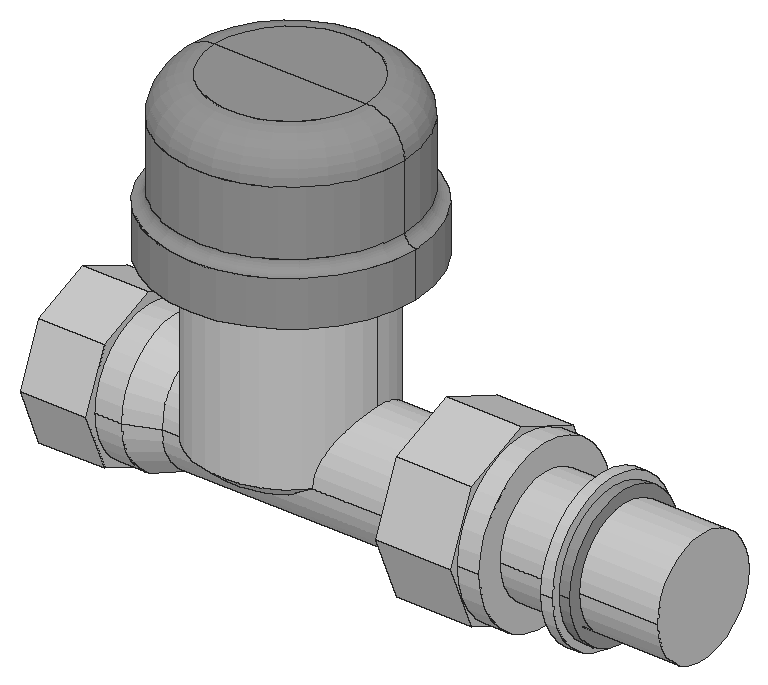
Revit family "PA_Арматура трубопроводов [клапан термостатический прямой, VT.038.N]1 - VALTEC", category Арматура трубопроводов, Revit 2018
Family settings
  Размер круглого соединителя = Использовать диаметр
  Тип детали = Вставляется
  На основе рабочей плоскости = Нет
  Всегда вертикально = Да
  При загрузке вырезать с полостями = Нет
  Общий = Нет
Parameters (values of type "VT.038.N")
  Таблица 2 = "PA_Арматура трубопроводов [клапан термостатический прямой, VT.038.N] - VALTEC - Таблица 2"  # constant formula
  Таблица 1 = "PA_Арматура трубопроводов [клапан термостатический прямой, VT.038.N] - VALTEC - Таблица 1"  # constant formula
  Материал доп.1 = Черный - VALTEC
  Изготовитель = "VALTEC"  # constant formula
  Головка термостатическая [instance] = Колпачок : Колпачок
  d9 [instance] = size_lookup(Таблица 1, "d9", 0 mm, d)  # 20 mm
  d8 [instance] = size_lookup(Таблица 1, "d8", 0 mm, d)  # 24.3 mm
  d7 [instance] = size_lookup(Таблица 1, "d7", 0 mm, d)  # 23 mm
  d10 [instance] = size_lookup(Таблица 1, "d10", 0 mm, d)  # 18 mm
  a9 [instance] = size_lookup(Таблица 1, "a9", 0 mm, d)  # 3 mm
  a8 [instance] = size_lookup(Таблица 1, "a8", 0 mm, d)  # 10 mm
  a7 [instance] = size_lookup(Таблица 1, "a7", 0 mm, d)  # 0.9 mm
  a6 [instance] = size_lookup(Таблица 1, "a6", 0 mm, d)  # 1.4 mm
  a5 [instance] = size_lookup(Таблица 1, "a5", 0 mm, d)  # 18.3 mm
  a10 [instance] = size_lookup(Таблица 1, "a10", 0 mm, d)  # 7.5 mm
  MM_Геометрия [instance] = if(Головка термостатическая = [1!!!НЕ ИЗМЕНЯТЬ!!!], MM_1!!!НЕ ИЗМЕНЯТЬ!!!, if(Головка термостатическая = [2!!!НЕ ИЗМЕНЯТЬ!!!], MM_2!!!НЕ ИЗМЕНЯТЬ!!!, if(Головка термостатическая = [3!!!НЕ ИЗМЕНЯТЬ!!!], MM_3!!!НЕ ИЗМЕНЯТЬ!!!, if(Головка термостатическая = [4!!!НЕ ИЗМЕНЯТЬ!!!], MM_4!!!НЕ ИЗМЕНЯТЬ!!!, if(Головка термостатическая = [5!!!НЕ ИЗМЕНЯТЬ!!!], MM_4!!!НЕ ИЗМЕНЯТЬ!!!, if(Головка термостатическая = [6!!!НЕ ИЗМЕНЯТЬ!!!], MM_5!!!НЕ ИЗМЕНЯТЬ!!!, if(Головка термостатическая = [7!!!НЕ ИЗМЕНЯТЬ!!!], MM_6!!!НЕ ИЗМЕНЯТЬ!!!, if(Головка термостатическая = [8!!!НЕ ИЗМЕНЯТЬ!!!], MM_6!!!НЕ ИЗМЕНЯТЬ!!!, if(Головка термостатическая = [9!!!НЕ ИЗМЕНЯТЬ!!!], MM_6!!!НЕ ИЗМЕНЯТЬ!!!, if(Головка термостатическая = [10!!!НЕ ИЗМЕНЯТЬ!!!], MM_6!!!НЕ ИЗМЕНЯТЬ!!!, if(Головка термостатическая = [11!!!НЕ ИЗМЕНЯТЬ!!!], MM_7!!!НЕ ИЗМЕНЯТЬ!!!, if(Головка термостатическая = [12!!!НЕ ИЗМЕНЯТЬ!!!], MM_7!!!НЕ ИЗМЕНЯТЬ!!!, if(Головка термостатическая = [13!!!НЕ ИЗМЕНЯТЬ!!!], MM_7!!!НЕ ИЗМЕНЯТЬ!!!, MM_8!!!НЕ ИЗМЕНЯТЬ!!!)))))))))))))  # MM_Обобщенные модели [колпачок, VT.037.N] - VALTEC : VT.TE3042.0
  MM_8!!!НЕ ИЗМЕНЯТЬ!!! = MM_Обобщенные модели [колпачок, VT.037.N] - VALTEC : VT.TE3042.0
  MM_7!!!НЕ ИЗМЕНЯТЬ!!! = MM_Обобщенные модели [сервопривод электрический, VT.TE3042] - VALTEC : VT.TE3042.0
  MM_6!!!НЕ ИЗМЕНЯТЬ!!! = MM_Обобщенные модели [сервопривод электрический, VT.TE3040] - VALTEC : VT.TE3040
  MM_5!!!НЕ ИЗМЕНЯТЬ!!! = MM_Обобщенные модели [cервопривод EQUICALOR, VT.AS1000] - VALTEC : VT.AS1000
  MM_4!!!НЕ ИЗМЕНЯТЬ!!! = MM_Обобщенные модели [головка термостатическая жидкостная, VT.5000.0] - VALTEC : VT.5000.0 - VT.5010.0
  MM_3!!!НЕ ИЗМЕНЯТЬ!!! = MM_Обобщенные модели [головка термостатическая жидкостная, VT.3000.0] - VALTEC : VT.3000.0
  MM_2!!!НЕ ИЗМЕНЯТЬ!!! = MM_Обобщенные модели [головка термостатическая жидкостная, VT.1500.0] - VALTEC : VT.1500.0
  MM_1!!!НЕ ИЗМЕНЯТЬ!!! = MM_Обобщенные модели [головка термостатическая твердотельная, VT.1000.0] - VALTEC : VT.1000.0
  ME_Информация [instance] = if(Головка термостатическая = [1!!!НЕ ИЗМЕНЯТЬ!!!], ME_1!!!НЕ ИЗМЕНЯТЬ!!!, if(Головка термостатическая = [2!!!НЕ ИЗМЕНЯТЬ!!!], ME_2!!!НЕ ИЗМЕНЯТЬ!!!, if(Головка термостатическая = [3!!!НЕ ИЗМЕНЯТЬ!!!], ME_3!!!НЕ ИЗМЕНЯТЬ!!!, if(Головка термостатическая = [4!!!НЕ ИЗМЕНЯТЬ!!!], ME_4!!!НЕ ИЗМЕНЯТЬ!!!, if(Головка термостатическая = [5!!!НЕ ИЗМЕНЯТЬ!!!], ME_5!!!НЕ ИЗМЕНЯТЬ!!!, if(Головка термостатическая = [6!!!НЕ ИЗМЕНЯТЬ!!!], ME_6!!!НЕ ИЗМЕНЯТЬ!!!, if(Головка термостатическая = [7!!!НЕ ИЗМЕНЯТЬ!!!], ME_7!!!НЕ ИЗМЕНЯТЬ!!!, if(Головка термостатическая = [8!!!НЕ ИЗМЕНЯТЬ!!!], ME_8!!!НЕ ИЗМЕНЯТЬ!!!, if(Головка термостатическая = [9!!!НЕ ИЗМЕНЯТЬ!!!], ME_9!!!НЕ ИЗМЕНЯТЬ!!!, if(Головка термостатическая = [10!!!НЕ ИЗМЕНЯТЬ!!!], ME_10!!!НЕ ИЗМЕНЯТЬ!!!, if(Головка термостатическая = [11!!!НЕ ИЗМЕНЯТЬ!!!], ME_11!!!НЕ ИЗМЕНЯТЬ!!!, if(Головка термостатическая = [12!!!НЕ ИЗМЕНЯТЬ!!!], ME_12!!!НЕ ИЗМЕНЯТЬ!!!, if(Головка термостатическая = [13!!!НЕ ИЗМЕНЯТЬ!!!], ME_13!!!НЕ ИЗМЕНЯТЬ!!!, ME_14!!!НЕ ИЗМЕНЯТЬ!!!)))))))))))))  # ME_Оборудование [колпачек] - VALTEC : ME_Оборудование [колпачек] - VALTEC
  ME_9!!!НЕ ИЗМЕНЯТЬ!!! = ME_Оборудование [сервопривод электрический, VT.TE3041.0.024] - VALTEC : ME_Оборудование [сервопривод электрический, VT.TE3041.0.024] - VALTEC
  ME_8!!!НЕ ИЗМЕНЯТЬ!!! = ME_Оборудование [сервопривод электрический, VT.TE3040.A.220] - VALTEC : ME_Оборудование [сервопривод электрический, VT.TE3040.A.220] - VALTEC
  ME_7!!!НЕ ИЗМЕНЯТЬ!!! = ME_Оборудование [сервопривод электрический, VT.TE3040.0.220] - VALTEC : ME_Оборудование [сервопривод электрический, VT.TE3040.0.220] - VALTEC
  ME_6!!!НЕ ИЗМЕНЯТЬ!!! = ME_Оборудование [cервопривод EQUICALOR, VT.AS1000] - VALTEC : ME_Оборудование [cервопривод EQUICALOR, VT.AS1000] - VALTEC
  ME_5!!!НЕ ИЗМЕНЯТЬ!!! = ME_Оборудование [головка термостатическая жидкостная, VT.5010.0] - VALTEC : ME_Оборудование [головка термостатическая жидкостная, VT.5010.0] - VALTEC
  ME_4!!!НЕ ИЗМЕНЯТЬ!!! = ME_Оборудование [головка термостатическая жидкостная, VT.5000.0] - VALTEC : ME_Оборудование [головка термостатическая жидкостная, VT.5000.0] - VALTEC
  ME_3!!!НЕ ИЗМЕНЯТЬ!!! = ME_Оборудование [головка термостатическая жидкостная, VT.3000.0] - VALTEC : ME_Оборудование [головка термостатическая жидкостная, VT.3000.0] - VALTEC
  ME_2!!!НЕ ИЗМЕНЯТЬ!!! = ME_Оборудование [головка термостатическая жидкостная, VT.1500.0] - VALTEC : ME_Оборудование [головка термостатическая жидкостная, VT.1500.0] - VALTEC
  ME_14!!!НЕ ИЗМЕНЯТЬ!!! = ME_Оборудование [колпачек] - VALTEC : ME_Оборудование [колпачек] - VALTEC
  ME_13!!!НЕ ИЗМЕНЯТЬ!!! = ME_Оборудование [сервопривод электрический, VT.TE3042.A.220] - VALTEC : ME_Оборудование [сервопривод электрический, VT.TE3042.A.220] - VALTEC
  ME_12!!!НЕ ИЗМЕНЯТЬ!!! = ME_Оборудование [сервопривод электрический, VT.TE3042.0.220] - VALTEC : ME_Оборудование [сервопривод электрический, VT.TE3042.0.220] - VALTEC
  ME_11!!!НЕ ИЗМЕНЯТЬ!!! = ME_Оборудование [сервопривод электрический, VT.TE3042.0.024] - VALTEC : ME_Оборудование [сервопривод электрический, VT.TE3042.0.024] - VALTEC
  ME_10!!!НЕ ИЗМЕНЯТЬ!!! = ME_Оборудование [сервопривод электрический, VT.TE3041.A.024] - VALTEC : ME_Оборудование [сервопривод электрический, VT.TE3041.A.024] - VALTEC
  ME_1!!!НЕ ИЗМЕНЯТЬ!!! = ME_Оборудование [головка термостатическая твердотельная, VT.1000.0] - VALTEC : ME_Оборудование [головка термостатическая твердотельная, VT.1000.0] - VALTEC
  C [instance] = size_lookup(Таблица 1, "C", 0 mm, d)  # 43.6 mm
  B [instance] = size_lookup(Таблица 1, "B", 0 mm, d)  # 55 mm
  b2 [instance] = size_lookup(Таблица 1, "b2", 0 mm, d)  # 2.1 mm
  d6 [instance] = size_lookup(Таблица 1, "d6", 0 mm, d)  # 21.7 mm
  d5 [instance] = size_lookup(Таблица 1, "d5", 0 mm, d)  # 23.5 mm
  d4 [instance] = size_lookup(Таблица 1, "d4", 0 mm, d)  # 17.2 mm
  d3 [instance] = size_lookup(Таблица 1, "d3", 0 mm, d)  # 14.9 mm
  d2 [instance] = size_lookup(Таблица 1, "d2", 0 mm, d)  # 18 mm
  d1 [instance] = size_lookup(Таблица 1, "d1", 0 mm, d)  # 20.7 mm
  d [instance] = 15 mm
  b1 [instance] = size_lookup(Таблица 1, "b1", 0 mm, d)  # 19.7 mm
  a4 [instance] = size_lookup(Таблица 1, "a4", 0 mm, d)  # 11.1 mm
  a3 [instance] = size_lookup(Таблица 1, "a3", 0 mm, d)  # 4.1 mm
  a2 [instance] = size_lookup(Таблица 1, "a2", 0 mm, d)  # 3.6 mm
  a1 [instance] = size_lookup(Таблица 1, "a1", 0 mm, d)  # 8.7 mm
  URL = "https://valtec.ru/"
  ADSK_Расход жидкости [instance] = 0.0 L/s
  ADSK_Примечание [instance] = ""
  ADSK_Потеря давления жидкости [instance] = 0.0 Pa
  ADSK_Позиция [instance] = ""
  ADSK_Обозначение [instance] = "VT.038.N"  # constant formula
  ADSK_Наименование [instance] = size_lookup(Таблица 1, "", "Данный типоразмер отсутствует", d)  # "Клапан термостатический прямой 1/2\""
  ADSK_Материал = Сталь, нержавеющая - VALTEC
  ADSK_Масса [instance] = if(d = 15 mm, 0.262, if(d = 20 mm, 0.338, 0))  # 0.262
  ADSK_Марка [instance] = size_lookup(Таблица 2, "", "Данный типоразмер отсутствует", d)  # "VT.038.N.04"
  ADSK_Код изделия [instance] = size_lookup(Таблица 2, "", "Данный типоразмер отсутствует", d)  # "VT.038.N.04"
  ADSK_Завод-изготовитель [instance] = Изготовитель  # "VALTEC"
  ADSK_Единица измерения [instance] = "шт."  # constant formula
  ADSK_URL страницы изделия = "https://valtec.ru/catalog/radiatornaya_armatura/termostaticheskie_klapany_dlya_radiatorov/klapan_termostaticheskij_pryamoj_s_prednastrojkoj_vt038n.html"
  ADSK_URL документации изделия = "https://valtec.ru/document/technical/VT.37-38-0718.pdf"
  A [instance] = size_lookup(Таблица 1, "A", 0 mm, d)  # 82 mm
  9!!!НЕ ИЗМЕНЯТЬ!!! = VT.TE3041.0.024 : VT.TE3041.0.024
  8!!!НЕ ИЗМЕНЯТЬ!!! = VT.TE3040.A.220 : VT.TE3040.A.220
  7!!!НЕ ИЗМЕНЯТЬ!!! = VT.TE3040.0.220 : VT.TE3040.0.220
  6!!!НЕ ИЗМЕНЯТЬ!!! = VT.AS1000 : VT.AS1000
  5!!!НЕ ИЗМЕНЯТЬ!!! = VT.5010.0.0 : VT.5010.0.0
  4!!!НЕ ИЗМЕНЯТЬ!!! = VT.5000.0.0 : VT.5000.0.0
  3!!!НЕ ИЗМЕНЯТЬ!!! = VT.3000.0.0 : VT.3000.0.0
  2!!!НЕ ИЗМЕНЯТЬ!!! = VT.1500.0.0 : VT.1500.0.0
  14!!!НЕ ИЗМЕНЯТЬ!!! = Колпачок : Колпачок
  13!!!НЕ ИЗМЕНЯТЬ!!! = VT.TE3042.A.220 : VT.TE3042.A.220
  12!!!НЕ ИЗМЕНЯТЬ!!! = VT.TE3042.0.220 : VT.TE3042.0.220
  11!!!НЕ ИЗМЕНЯТЬ!!! = VT.TE3042.0.024 : VT.TE3042.0.024
  10!!!НЕ ИЗМЕНЯТЬ!!! = VT.TE3041.A.024 : VT.TE3041.A.024
  1!!!НЕ ИЗМЕНЯТЬ!!! = VT.1000.0.0 : VT.1000.0.0
Reference planes
  plane 1 "По центру (Вперед/Назад)": y = 0
  plane 2: z = 0
  plane 3 "По центру (Влево/Вправо)": x = 0
  plane 4: x = -27.5
  plane 5: x = -18.8
  plane 6: x = -15.2
  plane 7: x = -11.1
  plane 8: x = 18.3
  plane 9: x = 19.7
  plane 10: x = 20.6
  plane 11: x = 30.6
  plane 12: x = 33.6
  plane 13: x = 41.1
  plane 14: z = 43.6
  plane 15: z = 19.7
  plane 16: z = 21.8
  plane 17: x = 54.5
  plane 18: x = -11.5
  plane 19: x = 11.5
  plane 20: x = 42.6
  plane 21: x = 44.1
Forms (mm)
  Extrusion 1, solid, material "Сталь, нержавеющая - VALTEC" <- "ADSK_Материал", detail levels medium+fine
    sketch origin (0, 0, 0) x (0, 1, 0) y (0, 0, 1)
      loop
        circle (0, 0) r 9
    from -18.8 to -15.2
  Extrusion 2, solid, material "Сталь, нержавеющая - VALTEC" <- "ADSK_Материал", detail levels medium+fine
    sketch origin (0, 0, 0) x (0, 1, 0) y (0, 0, 1)
      loop
        circle (0, 0) r 7.45
    from -11.1 to 18.3
  Blend 3, solid, material "Сталь, нержавеющая - VALTEC" <- "ADSK_Материал", detail levels medium+fine
    base sketch origin (0, 0, 0) x (0, 1, 0) y (0, 0, 1)
      loop
        circle (0, 0) r 9
    top sketch origin (0, 0, 0) x (0, 1, 0) y (0, 0, 1)
      loop
        circle (0, 0) r 7.45
    from -15.2 to -11.1
  Extrusion 4, solid, material "Сталь, нержавеющая - VALTEC" <- "ADSK_Материал", detail levels medium+fine
    sketch origin (0, 0, 0) x (0, 1, 0) y (0, 0, 1)
      loop
        circle (0, 0) r 8.6
    from 20.6 to 19.7
  Blend 5, solid, material "Сталь, нержавеющая - VALTEC" <- "ADSK_Материал", detail levels medium+fine
    base sketch origin (0, 0, 0) x (0, 1, 0) y (0, 0, 1)
      loop
        circle (0, 0) r 7.45
    top sketch origin (0, 0, 0) x (0, 1, 0) y (0, 0, 1)
      loop
        circle (0, 0) r 8.6
    from 18.3 to 19.7
  Extrusion 6, solid, material "Сталь, нержавеющая - VALTEC" <- "ADSK_Материал", detail levels medium+fine
    sketch origin (0, 0, 0) x (0, 1, 0) y (0, 0, 1)
      loop
        circle (0, 0) r 10.85
    from 30.6 to 33.6
  Extrusion 7, solid, material "Сталь, нержавеющая - VALTEC" <- "ADSK_Материал", detail levels medium+fine
    sketch origin (0, 0, 0) x (0, 1, 0) y (0, 0, 1)
      loop
        circle (0, 0) r 7.5
    from 33.6 to 54.5
  Extrusion 8, solid, material "Сталь, нержавеющая - VALTEC" <- "ADSK_Материал", detail levels medium+fine
    sketch origin (0, 0, 0) x (1, 0, 0) y (0, 1, 0)
      loop
        circle (0, 0) r 11.5
    from 0 to 19.7
  Blend 9, solid, material "Сталь, нержавеющая - VALTEC" <- "ADSK_Материал", detail levels medium+fine
    base sketch origin (0, 0, 0) x (1, 0, 0) y (0, 1, 0)
      loop
        circle (0, 0) r 11.5
    top sketch origin (0, 0, 0) x (1, 0, 0) y (0, 1, 0)
      loop
        circle (0, 0) r 12.15
    from 19.7 to 21.8
  Revolve 10, solid, material "Сталь, нержавеющая - VALTEC" <- "ADSK_Материал", detail levels medium+fine
    sketch origin (0, 0, 0) x (1, 0, 0) y (0, 0, 1)
      loop
        line (0, 0) -> (-11.5, 0)
        arc (-11.5, 0) -> (-6.191, -3.515) -> (0, -5) r 18.311
        line (0, -5) -> (0, 0)
      axis (0, 0) -> (0, -5)
    angle from 0 to 360
  Extrusion 11, solid, material "Сталь, нержавеющая - VALTEC" <- "ADSK_Материал", detail levels medium+fine
    sketch origin (0, 0, 0) x (0, 1, 0) y (0, 0, 1)
      loop
        circle (0, 0) r 10
    from 41.1 to 42.6
  Extrusion 12, solid, material "Черный - VALTEC" <- "Материал доп.1", detail levels medium+fine
    sketch origin (0, 0, 0) x (0, 1, 0) y (0, 0, 1)
      loop
        circle (0, 0) r 9
    from 44.1 to 42.6
Cuts and joins
  joined: Extrusion 1, Extrusion 2, Blend 3, Extrusion 4, Blend 5, Extrusion 6, Extrusion 7, Extrusion 8, Blend 9, Revolve 10, Extrusion 11
Lines and regions (mm)
  reference lines
    curve 1: line (-27.5, 0, 0) -> (44.1, 0, 0)
  symbolic lines, detail levels coarse
    curve 2: line (-27.5, 0, -15) -> (-27.5, 0, 15)
    curve 3: line (27.5, 0, -15) -> (27.5, 0, 15)
    curve 4: line (-27.5, 0, 15) -> (27.5, 0, -15)
    curve 5: line (27.5, 0, 15) -> (-27.5, 0, -15)
    curve 6: line (0, 0, 0) -> (0, 0, 43.6)
    curve 7: line (0, 0, 0) -> (-10, 0, 17.321)
    curve 8: line (0, 0, 0) -> (10, 0, 17.321)
    curve 9: line (27.5, 0, 0) -> (44.1, 0, 0)
  model lines, detail levels coarse
    curve 10: line (-27.5, 15, 0) -> (-27.5, -15, 0)
    curve 11: line (27.5, 15, 0) -> (27.5, -15, 0)
    curve 12: line (-27.5, -15, 0) -> (27.5, 15, 0)
    curve 13: line (27.5, -15, 0) -> (-27.5, 15, 0)
    curve 14: line (0, 0, 0) -> (0, 43.6, 0)
    curve 15: line (0, 0, 0) -> (-10, 17.321, 0)
    curve 16: line (0, 0, 0) -> (10, 17.321, 0)
    curve 17: line (27.5, 0, 0) -> (44.1, 0, 0)
Dimensions and locks
  "a1": plane 5 to plane 4
  "a2": plane 6 to plane 5
  "a3": plane 7 to plane 6
  "a4": plane 3 "По центру (Влево/Вправо)" to plane 7
  "a5": plane 8 to plane 3 "По центру (Влево/Вправо)"
  "a6": plane 9 to plane 8
  "a7": plane 10 to plane 9
  "a8": plane 11 to plane 10
  "a9": plane 12 to plane 11
  "a10": plane 13 to plane 12
  "C": plane 14 to plane 2
  "b1": plane 15 to plane 2
  "b2": plane 16 to plane 15
  "A": plane 17 to plane 4
  equal spacing: plane 19, plane 3 "По центру (Влево/Вправо)", plane 18
  "d7": plane 19 to plane 18
  equal spacing: curve 3, plane 3 "По центру (Влево/Вправо)", curve 2
  equal spacing: curve 10, plane 3 "По центру (Влево/Вправо)", curve 11
  locked: plane 20 to plane 13 at 1.5
  locked: plane 21 to plane 20 at 1.5
  "d2": diameter of Extrusion 1 sketch curve
  "d3": diameter of Extrusion 2 sketch curve
  "d2": diameter of Blend 3 sketch curve
  "d3": diameter of Blend 3 sketch curve
  "d4": diameter of Extrusion 4 sketch curve
  "d3": diameter of Blend 5 sketch curve
  "d4": diameter of Blend 5 sketch curve
  "d6": diameter of Extrusion 6 sketch curve
  "d": diameter of Extrusion 7 sketch curve
  "d7": diameter of Extrusion 8 sketch curve
  "d7": diameter of Blend 9 sketch curve
  "d8": diameter of Blend 9 sketch curve
  "d9": diameter of Extrusion 11 sketch curve
  "d10": diameter of Extrusion 12 sketch curve
  aligned and locked: level to plane 2
  aligned and locked: plane 1 "По центру (Вперед/Назад)" to nested 1
  aligned and locked: plane 1 "По центру (Вперед/Назад)" to nested 2
  aligned and locked: nested 1 to plane 4
  aligned and locked: level to Extrusion 1 sketch curve
  aligned and locked: plane 1 "По центру (Вперед/Назад)" to Extrusion 1 sketch curve
  aligned and locked: level to Extrusion 2 sketch curve
  aligned and locked: plane 1 "По центру (Вперед/Назад)" to Extrusion 2 sketch curve
  aligned and locked: level to Blend 3 sketch curve  (x2)
  aligned and locked: plane 1 "По центру (Вперед/Назад)" to Blend 3 sketch curve  (x2)
  aligned and locked: level to Extrusion 4 sketch curve
  aligned and locked: plane 1 "По центру (Вперед/Назад)" to Extrusion 4 sketch curve
  aligned and locked: level to Blend 5 sketch curve
  aligned and locked: plane 1 "По центру (Вперед/Назад)" to Blend 5 sketch curve
  aligned and locked: level to Extrusion 6 sketch curve
  aligned and locked: plane 1 "По центру (Вперед/Назад)" to Extrusion 6 sketch curve
  aligned and locked: plane 1 "По центру (Вперед/Назад)" to Extrusion 7 sketch curve
  aligned and locked: level to Extrusion 7 sketch curve
  aligned and locked: plane 1 "По центру (Вперед/Назад)" to Extrusion 8 sketch curve
  aligned and locked: plane 3 "По центру (Влево/Вправо)" to Extrusion 8 sketch curve
  aligned and locked: plane 3 "По центру (Влево/Вправо)" to Blend 9 sketch curve  (x2)
  aligned and locked: plane 1 "По центру (Вперед/Назад)" to Blend 9 sketch curve  (x2)
  aligned and locked: Extrusion 1 to plane 5
  aligned and locked: plane 6 to Extrusion 1
  aligned and locked: Blend 3 to plane 6
  aligned and locked: plane 7 to Blend 3
  aligned and locked: Extrusion 2 to plane 7
  aligned and locked: plane 8 to Extrusion 2
  aligned and locked: Blend 5 to plane 8
  aligned and locked: plane 9 to Blend 5
  aligned and locked: plane 9 to Extrusion 4
  aligned and locked: plane 10 to Extrusion 4
  aligned and locked: nested 2 to plane 10
  aligned and locked: Extrusion 6 to plane 11
  aligned and locked: plane 12 to Extrusion 6
  aligned and locked: Extrusion 7 to plane 12
  aligned and locked: Extrusion 8 to level
  aligned and locked: Extrusion 8 to plane 15
  aligned and locked: plane 15 to Blend 9
  aligned and locked: Blend 9 to plane 16
  aligned and locked: plane 17 to Extrusion 7
  aligned and locked: plane 4 to curve 1
  aligned and locked: curve 1 to level
  aligned and locked: Revolve 10 sketch curve to plane 3 "По центру (Влево/Вправо)"  (x2)
  aligned and locked: plane 18 to Revolve 10 sketch curve
  aligned and locked: plane 3 "По центру (Влево/Вправо)" to curve 6
  aligned and locked: curve 9 to level
  aligned and locked: plane 14 to curve 6
  aligned and locked: plane 4 to curve 2
  aligned and locked: plane 1 "По центру (Вперед/Назад)" to curve 17
  aligned and locked: plane 1 "По центру (Вперед/Назад)" to nested 4
  aligned and locked: nested 4 to plane 3 "По центру (Влево/Вправо)"
  aligned and locked: nested 3 to plane 1 "По центру (Вперед/Назад)"
  aligned and locked: plane 3 "По центру (Влево/Вправо)" to nested 3
  aligned and locked: plane 16 to nested 3
  aligned and locked: level to Extrusion 11 sketch curve
  aligned and locked: plane 1 "По центру (Вперед/Назад)" to Extrusion 11 sketch curve
  aligned and locked: level to Extrusion 12 sketch curve
  aligned and locked: plane 1 "По центру (Вперед/Назад)" to Extrusion 12 sketch curve
  aligned and locked: Extrusion 11 to plane 13
  aligned and locked: plane 20 to Extrusion 11
  aligned and locked: Extrusion 12 to plane 20
  aligned and locked: plane 21 to Extrusion 12
  aligned and locked: Extrusion 12 to curve 1
  aligned and locked: plane 21 to curve 9
  aligned and locked: plane 21 to curve 17
Automatic sketch dimensions
  Blend 5 sketch curve to level = 0 mm
  Blend 5 sketch curve to plane 1 "По центру (Вперед/Назад)" = 0 mm
  Revolve 10 sketch curve to level = 0 mm
  plane 3 "По центру (Влево/Вправо)" to Revolve 10 sketch curve = 1.11 mm
  Revolve 10 sketch curve to level = 5 mm
  Revolve 10 sketch curve to Revolve 10 sketch curve = 2209.315 mm
  Revolve 10 sketch curve to plane 14 = 2170.715 mm
  curve 14 to plane 3 "По центру (Влево/Вправо)" = 0 mm
  plane 1 "По центру (Вперед/Назад)" to curve 15 = 0 mm
  curve 15 to plane 3 "По центру (Влево/Вправо)" = 0 mm
  plane 1 "По центру (Вперед/Назад)" to curve 16 = 0 mm
  curve 13 to curve 17 = 15 mm
  plane 1 "По центру (Вперед/Назад)" to curve 12 = 15 mm
  curve 13 to plane 1 "По центру (Вперед/Назад)" = 15 mm
  plane 7 to curve 15 = 1.1 mm
  curve 16 to plane 8 = 8.3 mm
  curve 16 to plane 1 "По центру (Вперед/Назад)" = 17.321 mm
  curve 15 to plane 1 "По центру (Вперед/Назад)" = 17.321 mm
  curve 16 to curve 14 = 26.279 mm
  curve 10 to plane 4 = 0 mm
  curve 1 to plane 21 = 0 mm
  curve 7 to level = 0 mm
  curve 7 to plane 3 "По центру (Влево/Вправо)" = 0 mm
  curve 8 to level = 0 mm
  curve 6 to level = 0 mm
  curve 2 to level = 15 mm
  curve 4 to level = 15 mm
  plane 7 to curve 7 = 1.1 mm
  plane 15 to curve 8 = 2.379 mm
  curve 8 to plane 8 = 8.3 mm
  plane 15 to curve 7 = 2.379 mm
  curve 17 to plane 21 = 0 mm
Nested families
  nested 1: "Гайка - горизонталь" at (-23.15, 0, 0), ADSK_Материал <- "ADSK_Материал", d3 <- "d1", B <- "a1", type "Гайка - горизонталь", detail levels medium+fine
    with hr 19.124 mm, d3 20.7 mm, B 8.7 mm, ADSK_Материал Сталь, нержавеющая - VALTEC
  nested 2: "Гайка - горизонталь" at (25.6, 0, 0), ADSK_Материал <- "ADSK_Материал", d3 <- "d5", B <- "a8", type "Гайка - горизонталь", detail levels medium+fine
    with hr 21.711 mm, d3 23.5 mm, B 10 mm, ADSK_Материал Сталь, нержавеющая - VALTEC
  nested 3: "MM_Обобщенные модели [колпачок, VT.037.N] - VALTEC" at (0, 0, 21.8), type <- "MM_Геометрия", type "VT.TE3042.0", detail levels medium+fine
  nested 4: "ME_Оборудование [колпачек] - VALTEC" at (0, 0, 0), type <- "ME_Информация", type "ME_Оборудование [колпачек] - VALTEC", detail levels medium
    with ADSK_Примечание "", ADSK_Позиция "", ADSK_Обозначение "VT.3000.0", ADSK_Наименование "Головка термостатическая жидкостная", ADSK_Масса 0, ADSK_Код изделия "VT.3000.0.0", ADSK_Завод-изготовитель "VALTEC", ADSK_Единица измерения "шт."
Connectors
  piping at (-27.5, 0, 0), diameter 15, driven by "d", driven by "ADSK_Расход жидкости", driven by "ADSK_Потеря давления жидкости"
    settings: on curve 1, index 1, connector inside diameter 609.6 mm, connector length 0 mm, flow factor 0, pipe flow 0.0 L/s, pressure drop 0.0 Pa, fitting loss kfactor 0, connector angle 0.00°, fixture units 0, engagement length 0 mm, angle of deflection 0.00°, flow configuration 0, flow direction 1, fitting loss method 4, system type 7, joint type 0, gender type 0, connector reference index 2, connector utility 0, adjustable connector no, is connector primary yes, connector description ""
  piping at (44.1, 0, 0), diameter 15, driven by "d", driven by "ADSK_Расход жидкости"
    settings: on curve 1, index 2, connector inside diameter 609.6 mm, connector length 0 mm, flow factor 0, pipe flow 0.0 L/s, pressure drop 0.0 Pa, fitting loss kfactor 0, connector angle 0.00°, fixture units 0, engagement length 0 mm, angle of deflection 0.00°, flow configuration 0, flow direction 2, fitting loss method 0, system type 7, joint type 0, gender type 0, connector reference index 1, connector utility 0, adjustable connector no, is connector primary no, connector description ""
Definition of nested family "Гайка - горизонталь"
  Parameters (values of type "Гайка - горизонталь")
    hr [instance] = d3 / 2 * cos(180.00° / 8) * 2  # 588.881 mm
    d3 [instance] = 637.4 mm
    B [instance] = 637.4 mm
    ADSK_Материал [instance] = none
  Reference planes
    plane 1 "По центру (Вперед/Назад)": y = 0
    plane 2: z = 0
    plane 3 "По центру (Влево/Вправо)": x = 0
    plane 4: y = 318.7
    plane 5: y = -318.7
    plane 6: through (0, -912.519, 2972.425) normal (0, -0.9239, -0.3827)
    plane 7: through (0, -1234.338, 2979.956) normal (0, -0.9239, -0.3827)
    plane 8: through (0, -1556.157, 2987.486) normal (0, -0.9239, -0.3827)
    plane 9: through (0, 1234.338, 2979.956) normal (0, -0.9239, 0.3827)
    plane 10: through (0, -2420.114, 1321.144) normal (0, -0.3827, -0.9239)
    plane 11: through (0, -2532.792, 1049.117) normal (0, -0.3827, -0.9239)
    plane 12: through (0, -2645.469, 777.089) normal (0, -0.3827, -0.9239)
    plane 13: through (0, 2420.114, 1321.144) normal (0, -0.3827, 0.9239)
    plane 14: through (0, 2532.792, 1049.117) normal (0, -0.3827, 0.9239)
    plane 15: through (0, 2645.469, 777.089) normal (0, -0.3827, 0.9239)
    plane 16: through (0, 912.519, 2972.425) normal (0, -0.9239, 0.3827)
    plane 17: through (0, 1234.338, 2979.956) normal (0, -0.9239, 0.3827)
    plane 18: through (0, 1556.157, 2987.486) normal (0, -0.9239, 0.3827)
    plane 19: x = 318.7
    plane 20: x = -318.7
  Forms (mm)
    Extrusion 1, solid, material <- "ADSK_Материал"
      sketch origin (0, 0, 0) x (0, 1, 0) y (0, 0, 1)
        loop
          line (0, 318.7) -> (-225.355, 225.355) -> (-318.7, 0) -> (-225.355, -225.355) -> (0, -318.7) -> (225.355, -225.355) -> (318.7, 0) -> (225.355, 225.355) -> (0, 318.7)
      from -318.7 to 318.7
  Dimensions and locks
    equal spacing: plane 4, plane 1 "По центру (Вперед/Назад)", plane 5
    "d3": plane 4 to plane 5
    equal spacing: plane 8, plane 7, plane 6
    "hr": plane 8 to plane 6
    equal spacing: plane 12, plane 11, plane 10
    "hr": plane 12 to plane 10
    equal spacing: plane 15, plane 14, plane 13
    "hr": plane 15 to plane 13
    equal spacing: plane 18, plane 17, plane 16
    "hr": plane 18 to plane 16
    equal spacing: plane 20, plane 3 "По центру (Влево/Вправо)", plane 19
    "B": plane 20 to plane 19
    aligned and locked: level to plane 2
    aligned and locked: plane 10 to Extrusion 1 sketch curve
    aligned and locked: plane 13 to Extrusion 1 sketch curve
    aligned and locked: plane 16 to Extrusion 1 sketch curve
    aligned and locked: Extrusion 1 sketch curve to plane 8
    aligned and locked: Extrusion 1 sketch curve to plane 12
    aligned and locked: Extrusion 1 sketch curve to plane 15
    aligned and locked: Extrusion 1 sketch curve to plane 18
    aligned and locked: plane 6 to Extrusion 1 sketch curve
    aligned and locked: plane 19 to Extrusion 1
    aligned and locked: plane 20 to Extrusion 1
    aligned and locked: Extrusion 1 to plane 19
Definition of nested family "MM_Обобщенные модели [колпачок, VT.037.N] - VALTEC"
  Parameters (values of type "VT.TE3042.0")
    Manufacturer = ""
    URL = ""
    ADSK_Материал = none
  Reference planes
    plane 1 "По центру (Вперед/Назад)": y = 0
    plane 2: z = 0
    plane 3 "По центру (Влево/Вправо)": x = 0
    plane 4: z = 21
    plane 5: y = 5.5
    plane 6: y = -5.5
    plane 7: x = -16.5
    plane 8: z = 6
    plane 9: x = 16.5
  Forms (mm)
    Revolve 1, solid, material <- "ADSK_Материал"
      sketch origin (0, 0, 0) x (1, 0, 0) y (0, 0, 1)
        loop
          line (0, 0) -> (0, 21) -> (-10.04, 21)
          arc (-10.04, 21) -> (-13.576, 19.536) -> (-15.04, 16) r 5
          line (-15.04, 16) -> (-15.04, 7.46)
          arc (-15.04, 7.46) -> (-15.468, 6.427) -> (-16.5, 6) r 1.46
          line (-16.5, 6) -> (-16.5, 0) -> (0, 0)
        axis (0, 21) -> (0, 0)
      angle from 0 to 360
  Lines and regions (mm)
    reference lines
      curve 1: line (0, 0, 0) -> (0, 0, 25)
      curve 2: line (0, -12.5, 0) -> (0, 12.5, 0)
      curve 3: line (12.5, 0, 0) -> (-12.5, 0, 0)
  Dimensions and locks
    locked: plane 4 to plane 2 at 21
    plane 6 to plane 1 "По центру (Вперед/Назад)" to plane 5 = 5.5 mm locked, 5.5 mm locked
    locked: plane 3 "По центру (Влево/Вправо)" to plane 7 at 16.5
    locked: plane 9 to plane 3 "По центру (Влево/Вправо)" at 16.5
    locked: plane 8 to plane 2 at 6
    aligned and locked: level to plane 2
    aligned and locked: plane 3 "По центру (Влево/Вправо)" to Revolve 1 sketch curve
    aligned and locked: level to Revolve 1 sketch curve
    aligned and locked: plane 8 to Revolve 1 sketch curve
    aligned and locked: Revolve 1 sketch curve to plane 3 "По центру (Влево/Вправо)"
Definition of nested family "ME_Оборудование [колпачек] - VALTEC"
  Parameters (values of type "ME_Оборудование [колпачек] - VALTEC")
    Manufacturer = "VALTEC"  # constant formula
    URL = "https://valtec.ru/"
    D = 10 mm  # constant formula
    ADSK_Примечание [instance] = ""
    ADSK_Позиция [instance] = ""
    ADSK_Обозначение [instance] = "VT.1000.0"
    ADSK_Наименование [instance] = "Головка термостатическая твердотельная "
    ADSK_Материал = none
    ADSK_Масса [instance] = 0
    ADSK_Код изделия [instance] = "VT.1000.0.0"
    ADSK_Завод-изготовитель [instance] = "VALTEC"  # constant formula
    ADSK_Единица измерения [instance] = "шт."  # constant formula
    ADSK_URL страницы изделия = "https://valtec.ru/catalog/elementy_avtomatiki/termogolovki_i_privody/golovka_termostaticheskaya_tverdotelnaya_vt10000.html"
    ADSK_URL документации изделия = "https://valtec.ru/document/technical/VT.1000-0916.pdf"
  Reference planes
    plane 1 "По центру (Вперед/Назад)": y = 0
    plane 2: z = 0
    plane 3 "По центру (Влево/Вправо)": x = 0
  Forms (mm)
    Revolve 1, solid, material <- "ADSK_Материал"
      sketch origin (0, 0, 0) x (1, 0, 0) y (0, 1, 0)
        loop
          line (0, -5) -> (0, 5)
          arc (0, 5) -> (-5, 0) -> (0, -5) r 5
        axis (0, 5) -> (0, -5)
      angle from 0 to 360
  Lines and regions (mm)
    reference lines
      curve 1: line (0, 5, 0) -> (0, -5, 0)
      curve 2: line (-5, 0, 0) -> (5, 0, 0)
      curve 3: line (0, 0, 5) -> (0, 0, -5)
  Dimensions and locks
    equal spacing: curve 1, plane 1 "По центру (Вперед/Назад)", curve 1
    "D": curve 1 to curve 1
    equal spacing: curve 2, plane 3 "По центру (Влево/Вправо)", curve 2
    "D": curve 2 to curve 2
    equal spacing: curve 3, level, curve 3
    "D": curve 3 to curve 3
    "D": diameter of Revolve 1 sketch curve
    aligned and locked: level to plane 2
    aligned and locked: curve 1 to plane 3 "По центру (Влево/Вправо)"
    aligned and locked: Revolve 1 sketch curve to plane 3 "По центру (Влево/Вправо)"  (x2)
    aligned and locked: plane 1 "По центру (Вперед/Назад)" to curve 2
    aligned and locked: curve 3 to plane 3 "По центру (Влево/Вправо)"
  Automatic sketch dimensions
    plane 1 "По центру (Вперед/Назад)" to Revolve 1 sketch curve = 0 mm
    Revolve 1 sketch curve to Revolve 1 sketch curve = 1995 mm  (x2)
